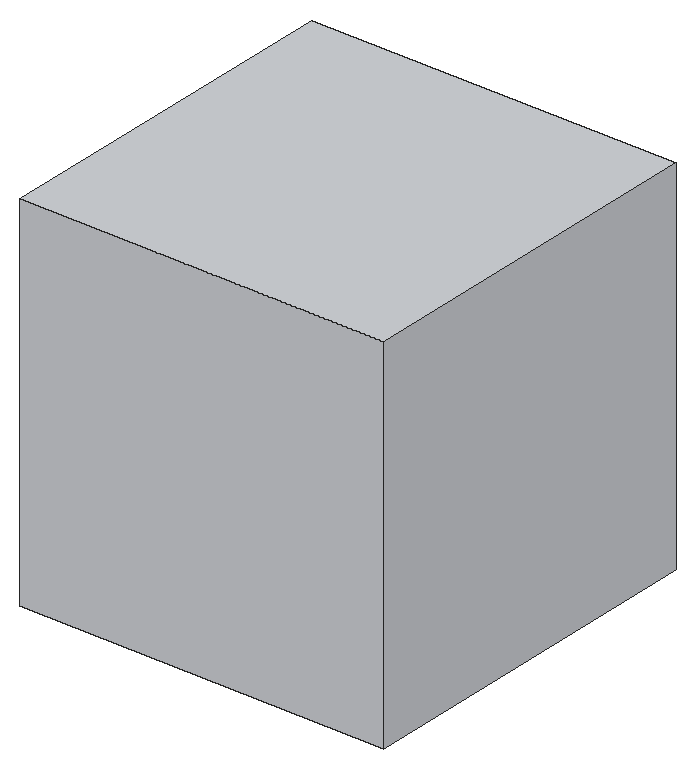
Revit family "FamilyTypeExample1", category Generic Models, Revit 2013
Parameters
  Shape = Option A : Square
Reference planes (in)
  plane 1 "Center (Front/Back)": y = 0
  plane 2: z = 0
  plane 3 "Center (Left/Right)": x = 0
Dimensions and locks (in)
  aligned and locked: plane 2 to level
Nested families (in)
  nested 1: "Option A" at (0, 0, 0), type <- "Shape", type "Square"
Definition of nested family "Option A"
  Reference planes (in)
    plane 1 "Center (Front/Back)": y = 0
    plane 2: z = 0
    plane 3 "Center (Left/Right)": x = 0
  Forms (in)
    Extrusion 1, solid
      sketch origin (0, 0, 0) x (1, 0, 0) y (0, 1, 0)
        loop
          line (-6, 6) -> (-6, -6) -> (6, -6) -> (6, 6) -> (-6, 6)
      from 0 to 12
  Dimensions and locks (in)
    aligned and locked: plane 2 to level
